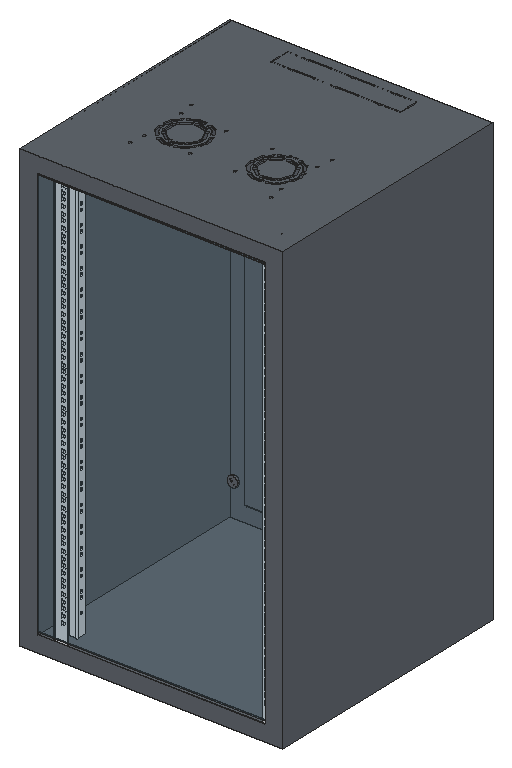
Revit family "Legrand Linkeo coffrets fixes avec panneaux latéraux fixes", category Equipement spécialisé, Revit 2020 (continued)
Forms (mm)
  Extrusion 86, void
    sketch origin (60.5, -414, 490.95) x (-1, 0, 0) y (0, 0, 1)
      loop
        line (-3.5, 44.65) -> (-3.5, 54.15) -> (-13, 54.15) -> (-13, 44.65) -> (-3.5, 44.65)
      loop
        line (-3.5, 76.4) -> (-3.5, 85.9) -> (-13, 85.9) -> (-13, 76.4) -> (-3.5, 76.4)
    from 0 to 1.5
  Extrusion 87, void
    sketch origin (60.5, -414, 490.95) x (-1, 0, 0) y (0, 0, 1)
      loop
        line (-3.5, 60.53) -> (-3.5, 70.03) -> (-13, 70.03) -> (-13, 60.53) -> (-3.5, 60.53)
    from 0 to 1.5
  Extrusion 88, void
    sketch origin (0, 0, 400.05) x (0, 1, 0) y (0, 0, 1)
      loop
        line (-367.986, 87.9) -> (-367.986, 78.4) -> (-358.486, 78.4) -> (-358.486, 87.9) -> (-367.986, 87.9)
    from 539 to 66
  Extrusion 89, void
    sketch origin (0, 0, 368.3) x (0, 1, 0) y (0, 0, 1)
      loop
        line (-367.986, 87.9) -> (-367.986, 78.4) -> (-358.486, 78.4) -> (-358.486, 87.9) -> (-367.986, 87.9)
    from 539 to 66
  Extrusion 90, void
    sketch origin (0, 0, 444.5) x (0, 1, 0) y (0, 0, 1)
      loop
        line (-367.986, 87.9) -> (-367.986, 78.4) -> (-358.486, 78.4) -> (-358.486, 87.9) -> (-367.986, 87.9)
    from 539 to 66
  Extrusion 91, void
    sketch origin (0, 0, 412.75) x (0, 1, 0) y (0, 0, 1)
      loop
        line (-367.986, 87.9) -> (-367.986, 78.4) -> (-358.486, 78.4) -> (-358.486, 87.9) -> (-367.986, 87.9)
    from 539 to 66
  Extrusion 92, void
    sketch origin (0, 0, 488.95) x (0, 1, 0) y (0, 0, 1)
      loop
        line (-367.986, 87.9) -> (-367.986, 78.4) -> (-358.486, 78.4) -> (-358.486, 87.9) -> (-367.986, 87.9)
    from 539 to 66
  Extrusion 93, void
    sketch origin (0, 0, 457.2) x (0, 1, 0) y (0, 0, 1)
      loop
        line (-367.986, 87.9) -> (-367.986, 78.4) -> (-358.486, 78.4) -> (-358.486, 87.9) -> (-367.986, 87.9)
    from 539 to 66
  Extrusion 94, void
    sketch origin (528, -414, 535.4) x (-1, 0, 0) y (0, 0, 1)
      loop
        line (-3.5, 44.65) -> (-3.5, 54.15) -> (-13, 54.15) -> (-13, 44.65) -> (-3.5, 44.65)
      loop
        line (-3.5, 76.4) -> (-3.5, 85.9) -> (-13, 85.9) -> (-13, 76.4) -> (-3.5, 76.4)
    from 0 to 1.5
  Extrusion 95, void
    sketch origin (528, -414, 535.4) x (-1, 0, 0) y (0, 0, 1)
      loop
        line (-3.5, 60.53) -> (-3.5, 70.03) -> (-13, 70.03) -> (-13, 60.53) -> (-3.5, 60.53)
    from 0 to 1.5
  Extrusion 96, void
    sketch origin (60.5, -414, 535.4) x (-1, 0, 0) y (0, 0, 1)
      loop
        line (-3.5, 44.65) -> (-3.5, 54.15) -> (-13, 54.15) -> (-13, 44.65) -> (-3.5, 44.65)
      loop
        line (-3.5, 76.4) -> (-3.5, 85.9) -> (-13, 85.9) -> (-13, 76.4) -> (-3.5, 76.4)
    from 0 to 1.5
  Extrusion 97, void
    sketch origin (60.5, -414, 535.4) x (-1, 0, 0) y (0, 0, 1)
      loop
        line (-3.5, 60.53) -> (-3.5, 70.03) -> (-13, 70.03) -> (-13, 60.53) -> (-3.5, 60.53)
    from 0 to 1.5
  Extrusion 98, void
    sketch origin (528, -414, 579.85) x (-1, 0, 0) y (0, 0, 1)
      loop
        line (-3.5, 44.65) -> (-3.5, 54.15) -> (-13, 54.15) -> (-13, 44.65) -> (-3.5, 44.65)
      loop
        line (-3.5, 76.4) -> (-3.5, 85.9) -> (-13, 85.9) -> (-13, 76.4) -> (-3.5, 76.4)
    from 0 to 1.5
  Extrusion 99, void
    sketch origin (528, -414, 579.85) x (-1, 0, 0) y (0, 0, 1)
      loop
        line (-3.5, 60.53) -> (-3.5, 70.03) -> (-13, 70.03) -> (-13, 60.53) -> (-3.5, 60.53)
    from 0 to 1.5
  Extrusion 100, void
    sketch origin (60.5, -414, 579.85) x (-1, 0, 0) y (0, 0, 1)
      loop
        line (-3.5, 44.65) -> (-3.5, 54.15) -> (-13, 54.15) -> (-13, 44.65) -> (-3.5, 44.65)
      loop
        line (-3.5, 76.4) -> (-3.5, 85.9) -> (-13, 85.9) -> (-13, 76.4) -> (-3.5, 76.4)
    from 0 to 1.5
  Extrusion 101, void
    sketch origin (60.5, -414, 579.85) x (-1, 0, 0) y (0, 0, 1)
      loop
        line (-3.5, 60.53) -> (-3.5, 70.03) -> (-13, 70.03) -> (-13, 60.53) -> (-3.5, 60.53)
    from 0 to 1.5
  Extrusion 102, void
    sketch origin (528, -414, 624.3) x (-1, 0, 0) y (0, 0, 1)
      loop
        line (-3.5, 44.65) -> (-3.5, 54.15) -> (-13, 54.15) -> (-13, 44.65) -> (-3.5, 44.65)
      loop
        line (-3.5, 76.4) -> (-3.5, 85.9) -> (-13, 85.9) -> (-13, 76.4) -> (-3.5, 76.4)
    from 0 to 1.5
  Extrusion 103, void
    sketch origin (528, -414, 624.3) x (-1, 0, 0) y (0, 0, 1)
      loop
        line (-3.5, 60.53) -> (-3.5, 70.03) -> (-13, 70.03) -> (-13, 60.53) -> (-3.5, 60.53)
    from 0 to 1.5
  Extrusion 104, void
    sketch origin (60.5, -414, 624.3) x (-1, 0, 0) y (0, 0, 1)
      loop
        line (-3.5, 44.65) -> (-3.5, 54.15) -> (-13, 54.15) -> (-13, 44.65) -> (-3.5, 44.65)
      loop
        line (-3.5, 76.4) -> (-3.5, 85.9) -> (-13, 85.9) -> (-13, 76.4) -> (-3.5, 76.4)
    from 0 to 1.5
  Extrusion 105, void
    sketch origin (60.5, -414, 624.3) x (-1, 0, 0) y (0, 0, 1)
      loop
        line (-3.5, 60.53) -> (-3.5, 70.03) -> (-13, 70.03) -> (-13, 60.53) -> (-3.5, 60.53)
    from 0 to 1.5
  Extrusion 106, void
    sketch origin (0, 0, 533.4) x (0, 1, 0) y (0, 0, 1)
      loop
        line (-367.986, 87.9) -> (-367.986, 78.4) -> (-358.486, 78.4) -> (-358.486, 87.9) -> (-367.986, 87.9)
    from 539 to 66
  Extrusion 107, void
    sketch origin (0, 0, 501.65) x (0, 1, 0) y (0, 0, 1)
      loop
        line (-367.986, 87.9) -> (-367.986, 78.4) -> (-358.486, 78.4) -> (-358.486, 87.9) -> (-367.986, 87.9)
    from 539 to 66
  Extrusion 108, void
    sketch origin (0, 0, 577.85) x (0, 1, 0) y (0, 0, 1)
      loop
        line (-367.986, 87.9) -> (-367.986, 78.4) -> (-358.486, 78.4) -> (-358.486, 87.9) -> (-367.986, 87.9)
    from 539 to 66
  Extrusion 109, void
    sketch origin (0, 0, 546.1) x (0, 1, 0) y (0, 0, 1)
      loop
        line (-367.986, 87.9) -> (-367.986, 78.4) -> (-358.486, 78.4) -> (-358.486, 87.9) -> (-367.986, 87.9)
    from 539 to 66
  Extrusion 110, void
    sketch origin (0, 0, 622.3) x (0, 1, 0) y (0, 0, 1)
      loop
        line (-367.986, 87.9) -> (-367.986, 78.4) -> (-358.486, 78.4) -> (-358.486, 87.9) -> (-367.986, 87.9)
    from 539 to 66
  Extrusion 111, void
    sketch origin (0, 0, 590.55) x (0, 1, 0) y (0, 0, 1)
      loop
        line (-367.986, 87.9) -> (-367.986, 78.4) -> (-358.486, 78.4) -> (-358.486, 87.9) -> (-367.986, 87.9)
    from 539 to 66
  Extrusion 112, void
    sketch origin (528, -414, 668.75) x (-1, 0, 0) y (0, 0, 1)
      loop
        line (-3.5, 44.65) -> (-3.5, 54.15) -> (-13, 54.15) -> (-13, 44.65) -> (-3.5, 44.65)
      loop
        line (-3.5, 76.4) -> (-3.5, 85.9) -> (-13, 85.9) -> (-13, 76.4) -> (-3.5, 76.4)
    from 0 to 1.5
  Extrusion 113, void
    sketch origin (528, -414, 668.75) x (-1, 0, 0) y (0, 0, 1)
      loop
        line (-3.5, 60.53) -> (-3.5, 70.03) -> (-13, 70.03) -> (-13, 60.53) -> (-3.5, 60.53)
    from 0 to 1.5
  Extrusion 114, void
    sketch origin (60.5, -414, 668.75) x (-1, 0, 0) y (0, 0, 1)
      loop
        line (-3.5, 44.65) -> (-3.5, 54.15) -> (-13, 54.15) -> (-13, 44.65) -> (-3.5, 44.65)
      loop
        line (-3.5, 76.4) -> (-3.5, 85.9) -> (-13, 85.9) -> (-13, 76.4) -> (-3.5, 76.4)
    from 0 to 1.5
  Extrusion 115, void
    sketch origin (60.5, -414, 668.75) x (-1, 0, 0) y (0, 0, 1)
      loop
        line (-3.5, 60.53) -> (-3.5, 70.03) -> (-13, 70.03) -> (-13, 60.53) -> (-3.5, 60.53)
    from 0 to 1.5
  Extrusion 116, void
    sketch origin (528, -414, 713.2) x (-1, 0, 0) y (0, 0, 1)
      loop
        line (-3.5, 44.65) -> (-3.5, 54.15) -> (-13, 54.15) -> (-13, 44.65) -> (-3.5, 44.65)
      loop
        line (-3.5, 76.4) -> (-3.5, 85.9) -> (-13, 85.9) -> (-13, 76.4) -> (-3.5, 76.4)
    from 0 to 1.5
  Extrusion 117, void
    sketch origin (528, -414, 713.2) x (-1, 0, 0) y (0, 0, 1)
      loop
        line (-3.5, 60.53) -> (-3.5, 70.03) -> (-13, 70.03) -> (-13, 60.53) -> (-3.5, 60.53)
    from 0 to 1.5
  Extrusion 118, void
    sketch origin (60.5, -414, 713.2) x (-1, 0, 0) y (0, 0, 1)
      loop
        line (-3.5, 44.65) -> (-3.5, 54.15) -> (-13, 54.15) -> (-13, 44.65) -> (-3.5, 44.65)
      loop
        line (-3.5, 76.4) -> (-3.5, 85.9) -> (-13, 85.9) -> (-13, 76.4) -> (-3.5, 76.4)
    from 0 to 1.5
  Extrusion 119, void
    sketch origin (60.5, -414, 713.2) x (-1, 0, 0) y (0, 0, 1)
      loop
        line (-3.5, 60.53) -> (-3.5, 70.03) -> (-13, 70.03) -> (-13, 60.53) -> (-3.5, 60.53)
    from 0 to 1.5
  Extrusion 120, void
    sketch origin (528, -414, 757.65) x (-1, 0, 0) y (0, 0, 1)
      loop
        line (-3.5, 44.65) -> (-3.5, 54.15) -> (-13, 54.15) -> (-13, 44.65) -> (-3.5, 44.65)
      loop
        line (-3.5, 76.4) -> (-3.5, 85.9) -> (-13, 85.9) -> (-13, 76.4) -> (-3.5, 76.4)
    from 0 to 1.5
  Extrusion 121, void
    sketch origin (528, -414, 757.65) x (-1, 0, 0) y (0, 0, 1)
      loop
        line (-3.5, 60.53) -> (-3.5, 70.03) -> (-13, 70.03) -> (-13, 60.53) -> (-3.5, 60.53)
    from 0 to 1.5
  Extrusion 122, void
    sketch origin (60.5, -414, 757.65) x (-1, 0, 0) y (0, 0, 1)
      loop
        line (-3.5, 44.65) -> (-3.5, 54.15) -> (-13, 54.15) -> (-13, 44.65) -> (-3.5, 44.65)
      loop
        line (-3.5, 76.4) -> (-3.5, 85.9) -> (-13, 85.9) -> (-13, 76.4) -> (-3.5, 76.4)
    from 0 to 1.5
  Extrusion 123, void
    sketch origin (60.5, -414, 757.65) x (-1, 0, 0) y (0, 0, 1)
      loop
        line (-3.5, 60.53) -> (-3.5, 70.03) -> (-13, 70.03) -> (-13, 60.53) -> (-3.5, 60.53)
    from 0 to 1.5
  Extrusion 124, void
    sketch origin (0, 0, 666.75) x (0, 1, 0) y (0, 0, 1)
      loop
        line (-367.986, 87.9) -> (-367.986, 78.4) -> (-358.486, 78.4) -> (-358.486, 87.9) -> (-367.986, 87.9)
    from 539 to 66
  Extrusion 125, void
    sketch origin (0, 0, 635) x (0, 1, 0) y (0, 0, 1)
      loop
        line (-367.986, 87.9) -> (-367.986, 78.4) -> (-358.486, 78.4) -> (-358.486, 87.9) -> (-367.986, 87.9)
    from 539 to 66
  Extrusion 126, void
    sketch origin (0, 0, 711.2) x (0, 1, 0) y (0, 0, 1)
      loop
        line (-367.986, 87.9) -> (-367.986, 78.4) -> (-358.486, 78.4) -> (-358.486, 87.9) -> (-367.986, 87.9)
    from 539 to 66
  Extrusion 127, void
    sketch origin (0, 0, 679.45) x (0, 1, 0) y (0, 0, 1)
      loop
        line (-367.986, 87.9) -> (-367.986, 78.4) -> (-358.486, 78.4) -> (-358.486, 87.9) -> (-367.986, 87.9)
    from 539 to 66
  Extrusion 128, void
    sketch origin (0, 0, 755.65) x (0, 1, 0) y (0, 0, 1)
      loop
        line (-367.986, 87.9) -> (-367.986, 78.4) -> (-358.486, 78.4) -> (-358.486, 87.9) -> (-367.986, 87.9)
    from 539 to 66
  Extrusion 129, void
    sketch origin (0, 0, 723.9) x (0, 1, 0) y (0, 0, 1)
      loop
        line (-367.986, 87.9) -> (-367.986, 78.4) -> (-358.486, 78.4) -> (-358.486, 87.9) -> (-367.986, 87.9)
    from 539 to 66
  Extrusion 130, void
    sketch origin (528, -414, 802.1) x (-1, 0, 0) y (0, 0, 1)
      loop
        line (-3.5, 44.65) -> (-3.5, 54.15) -> (-13, 54.15) -> (-13, 44.65) -> (-3.5, 44.65)
      loop
        line (-3.5, 76.4) -> (-3.5, 85.9) -> (-13, 85.9) -> (-13, 76.4) -> (-3.5, 76.4)
    from 0 to 1.5
  Extrusion 131, void
    sketch origin (528, -414, 802.1) x (-1, 0, 0) y (0, 0, 1)
      loop
        line (-3.5, 60.53) -> (-3.5, 70.03) -> (-13, 70.03) -> (-13, 60.53) -> (-3.5, 60.53)
    from 0 to 1.5
  Extrusion 132, void
    sketch origin (60.5, -414, 802.1) x (-1, 0, 0) y (0, 0, 1)
      loop
        line (-3.5, 44.65) -> (-3.5, 54.15) -> (-13, 54.15) -> (-13, 44.65) -> (-3.5, 44.65)
      loop
        line (-3.5, 76.4) -> (-3.5, 85.9) -> (-13, 85.9) -> (-13, 76.4) -> (-3.5, 76.4)
    from 0 to 1.5
  Extrusion 133, void
    sketch origin (60.5, -414, 802.1) x (-1, 0, 0) y (0, 0, 1)
      loop
        line (-3.5, 60.53) -> (-3.5, 70.03) -> (-13, 70.03) -> (-13, 60.53) -> (-3.5, 60.53)
    from 0 to 1.5
  Extrusion 134, void
    sketch origin (528, -414, 846.55) x (-1, 0, 0) y (0, 0, 1)
      loop
        line (-3.5, 44.65) -> (-3.5, 54.15) -> (-13, 54.15) -> (-13, 44.65) -> (-3.5, 44.65)
      loop
        line (-3.5, 76.4) -> (-3.5, 85.9) -> (-13, 85.9) -> (-13, 76.4) -> (-3.5, 76.4)
    from 0 to 1.5
  Extrusion 135, void
    sketch origin (528, -414, 846.55) x (-1, 0, 0) y (0, 0, 1)
      loop
        line (-3.5, 60.53) -> (-3.5, 70.03) -> (-13, 70.03) -> (-13, 60.53) -> (-3.5, 60.53)
    from 0 to 1.5
  Extrusion 136, void
    sketch origin (60.5, -414, 846.55) x (-1, 0, 0) y (0, 0, 1)
      loop
        line (-3.5, 44.65) -> (-3.5, 54.15) -> (-13, 54.15) -> (-13, 44.65) -> (-3.5, 44.65)
      loop
        line (-3.5, 76.4) -> (-3.5, 85.9) -> (-13, 85.9) -> (-13, 76.4) -> (-3.5, 76.4)
    from 0 to 1.5
  Extrusion 137, void
    sketch origin (60.5, -414, 846.55) x (-1, 0, 0) y (0, 0, 1)
      loop
        line (-3.5, 60.53) -> (-3.5, 70.03) -> (-13, 70.03) -> (-13, 60.53) -> (-3.5, 60.53)
    from 0 to 1.5
  Extrusion 138, void
    sketch origin (528, -414, 891) x (-1, 0, 0) y (0, 0, 1)
      loop
        line (-3.5, 44.65) -> (-3.5, 54.15) -> (-13, 54.15) -> (-13, 44.65) -> (-3.5, 44.65)
      loop
        line (-3.5, 76.4) -> (-3.5, 85.9) -> (-13, 85.9) -> (-13, 76.4) -> (-3.5, 76.4)
    from 0 to 1.5
  Extrusion 139, void
    sketch origin (528, -414, 891) x (-1, 0, 0) y (0, 0, 1)
      loop
        line (-3.5, 60.53) -> (-3.5, 70.03) -> (-13, 70.03) -> (-13, 60.53) -> (-3.5, 60.53)
    from 0 to 1.5
  Extrusion 140, void
    sketch origin (60.5, -414, 891) x (-1, 0, 0) y (0, 0, 1)
      loop
        line (-3.5, 44.65) -> (-3.5, 54.15) -> (-13, 54.15) -> (-13, 44.65) -> (-3.5, 44.65)
      loop
        line (-3.5, 76.4) -> (-3.5, 85.9) -> (-13, 85.9) -> (-13, 76.4) -> (-3.5, 76.4)
    from 0 to 1.5
  Extrusion 141, void
    sketch origin (60.5, -414, 891) x (-1, 0, 0) y (0, 0, 1)
      loop
        line (-3.5, 60.53) -> (-3.5, 70.03) -> (-13, 70.03) -> (-13, 60.53) -> (-3.5, 60.53)
    from 0 to 1.5
  Extrusion 142, void
    sketch origin (0, 0, 800.1) x (0, 1, 0) y (0, 0, 1)
      loop
        line (-367.986, 87.9) -> (-367.986, 78.4) -> (-358.486, 78.4) -> (-358.486, 87.9) -> (-367.986, 87.9)
    from 539 to 66
  Extrusion 143, void
    sketch origin (0, 0, 768.35) x (0, 1, 0) y (0, 0, 1)
      loop
        line (-367.986, 87.9) -> (-367.986, 78.4) -> (-358.486, 78.4) -> (-358.486, 87.9) -> (-367.986, 87.9)
    from 539 to 66
  Extrusion 144, void
    sketch origin (0, 0, 844.55) x (0, 1, 0) y (0, 0, 1)
      loop
        line (-367.986, 87.9) -> (-367.986, 78.4) -> (-358.486, 78.4) -> (-358.486, 87.9) -> (-367.986, 87.9)
    from 539 to 66
  Extrusion 145, void
    sketch origin (0, 0, 812.8) x (0, 1, 0) y (0, 0, 1)
      loop
        line (-367.986, 87.9) -> (-367.986, 78.4) -> (-358.486, 78.4) -> (-358.486, 87.9) -> (-367.986, 87.9)
    from 539 to 66
  Extrusion 146, void
    sketch origin (0, 0, 889) x (0, 1, 0) y (0, 0, 1)
      loop
        line (-367.986, 87.9) -> (-367.986, 78.4) -> (-358.486, 78.4) -> (-358.486, 87.9) -> (-367.986, 87.9)
    from 539 to 66
  Extrusion 147, void
    sketch origin (0, 0, 857.25) x (0, 1, 0) y (0, 0, 1)
      loop
        line (-367.986, 87.9) -> (-367.986, 78.4) -> (-358.486, 78.4) -> (-358.486, 87.9) -> (-367.986, 87.9)
    from 539 to 66
Cuts and joins
  Extrusion 2, Extrusion 3, Extrusion 6, Extrusion 7, Extrusion 8, Extrusion 40 cuts Extrusion 1
  Extrusion 9, Extrusion 11, Extrusion 12, Extrusion 15, Extrusion 52 cuts Extrusion 5
  Extrusion 11, Extrusion 12, Extrusion 16, Extrusion 17, Extrusion 20, Extrusion 21, Extrusion 24, Extrusion 25, Extrusion 28, Extrusion 29, Extrusion 32, Extrusion 33, Extrusion 36, Extrusion 37, Extrusion 40, Extrusion 41, Extrusion 42, Extrusion 43, Extrusion 44, Extrusion 45, Extrusion 46, Extrusion 47, Extrusion 48, Extrusion 49, Extrusion 50, Extrusion 51, Extrusion 58, Extrusion 59, Extrusion 62, Extrusion 63, Extrusion 66, Extrusion 67, Extrusion 70, Extrusion 71, Extrusion 72, Extrusion 73, Extrusion 74, Extrusion 75, Extrusion 76, Extrusion 77, Extrusion 80, Extrusion 81, Extrusion 84, Extrusion 85, Extrusion 88, Extrusion 89, Extrusion 90, Extrusion 91, Extrusion 92, Extrusion 93, Extrusion 94, Extrusion 95, Extrusion 98, Extrusion 99, Extrusion 102, Extrusion 103, Extrusion 106, Extrusion 107, Extrusion 108, Extrusion 109, Extrusion 110, Extrusion 111, Extrusion 112, Extrusion 113, Extrusion 116, Extrusion 117, Extrusion 120, Extrusion 121, Extrusion 124, Extrusion 125, Extrusion 126, Extrusion 127, Extrusion 128, Extrusion 129, Extrusion 130, Extrusion 131, Extrusion 134, Extrusion 135, Extrusion 138, Extrusion 139, Extrusion 142, Extrusion 143, Extrusion 144, Extrusion 145, Extrusion 146, Extrusion 147 cuts Extrusion 10
  Extrusion 16, Extrusion 17, Extrusion 22, Extrusion 23, Extrusion 26, Extrusion 27, Extrusion 30, Extrusion 31, Extrusion 34, Extrusion 35, Extrusion 38, Extrusion 39, Extrusion 40, Extrusion 41, Extrusion 42, Extrusion 43, Extrusion 44, Extrusion 45, Extrusion 46, Extrusion 47, Extrusion 48, Extrusion 49, Extrusion 50, Extrusion 51, Extrusion 60, Extrusion 61, Extrusion 64, Extrusion 65, Extrusion 68, Extrusion 69, Extrusion 70, Extrusion 71, Extrusion 72, Extrusion 73, Extrusion 74, Extrusion 75, Extrusion 78, Extrusion 79, Extrusion 82, Extrusion 83, Extrusion 86, Extrusion 87, Extrusion 88, Extrusion 89, Extrusion 90, Extrusion 91, Extrusion 92, Extrusion 93, Extrusion 96, Extrusion 97, Extrusion 100, Extrusion 101, Extrusion 104, Extrusion 105, Extrusion 106, Extrusion 107, Extrusion 108, Extrusion 109, Extrusion 110, Extrusion 111, Extrusion 114, Extrusion 115, Extrusion 118, Extrusion 119, Extrusion 122, Extrusion 123, Extrusion 124, Extrusion 125, Extrusion 126, Extrusion 127, Extrusion 128, Extrusion 129, Extrusion 132, Extrusion 133, Extrusion 136, Extrusion 137, Extrusion 140, Extrusion 141, Extrusion 142, Extrusion 143, Extrusion 144, Extrusion 145, Extrusion 146, Extrusion 147 cuts Extrusion 13
  Extrusion 54 cuts Extrusion 53
Lines and regions (mm)
  model lines, not visible
    curve 1: line (490.5, 150, 512.5) -> (514.5, 150, 512.5)
    curve 2: line (366.209, -75, 1158) -> (258.086, -75, 1158)
    curve 3: line (366.209, -341.805, 492) -> (258.086, -341.805, 492)
Dimensions and locks
  "Largeur (mm)": plane 4 to plane 3 "Centre (gauche/droite)"
  "Hauteur (mm)": plane 5 to level
  "Profondeur (mm)": plane 6 to plane 1 "Centre (avant/arrière)"
  "Passage utile en largeur (mm)": plane 7 to plane 8
  equal spacing: plane 7, plane 9, plane 8
  equal spacing: plane 4, plane 9, plane 3 "Centre (gauche/droite)"
  equal spacing: plane 5, plane 12, level
  equal spacing: plane 10, plane 12, plane 11
  "Passage utile en hauteur (mm)": plane 10 to plane 11
  locked: Extrusion 2 sketch curve to plane 3 "Centre (gauche/droite)" at 2
  locked: Extrusion 2 sketch curve to plane 4 at 2
  locked: Extrusion 2 sketch curve to level at 2
  locked: plane 5 to Extrusion 2 sketch curve at 2
  locked: plane 6 to plane 13 at 2
  locked: cut or joined group of Extrusion 1, Extrusion 2, Extrusion 3, Extrusion 6, Extrusion 7, Extrusion 8, Extrusion 40 to plane 1 "Centre (avant/arrière)" at 2
  plane 10 to Extrusion 4 sketch curve = 5.00 mm
  Extrusion 4 sketch curve to plane 11 = 5.00 mm
  locked: cut or joined group of Extrusion 1, Extrusion 2, Extrusion 3, Extrusion 6, Extrusion 7, Extrusion 8, Extrusion 40 to Extrusion 4 at 5
  locked: Extrusion 5 to plane 1 "Centre (avant/arrière)" at 5
  equal spacing: plane 3 "Centre (gauche/droite)", plane 14, plane 4
  equal spacing: plane 25, plane 26, plane 24
  equal spacing: plane 22, plane 20, plane 23
  "Fixation Y": plane 22 to plane 23
  "Fixation X": plane 25 to plane 24
  "Emplacement de rack": plane 27 to plane 6
  "Epaisseur (mm)": plane 29 to plane 27
  "Epaisseur (mm)": plane 30 to plane 31
  "Epaisseur (mm)": plane 32 to plane 33
  "Epaisseur (mm)": plane 34 to plane 35
  plane 31 to cut or joined group of Extrusion 1, Extrusion 2, Extrusion 3, Extrusion 6, Extrusion 7, Extrusion 8, Extrusion 40 = 42.00 mm
  locked: plane 28 to plane 30 at 31.5
  locked: plane 33 to plane 27 at 42
  locked: plane 34 to plane 31 at 23.5
  locked: plane 32 to plane 36 at 21.5
  locked: plane 37 to level at 46.65
  locked: plane 38 to plane 37 at 9.5
  locked: plane 39 to plane 40 at 9.5
  locked: plane 28 to plane 39 at 3.5
  locked: plane 42 to plane 41 at 9.5
  locked: plane 41 to plane 37 at 31.75
  locked: plane 44 to plane 43 at 9.5
  locked: plane 45 to plane 46 at 9.5
  locked: plane 46 to plane 38 at 6.38
  "Epaisseur (mm)": plane 49 to plane 50
  "Epaisseur (mm)": plane 51 to plane 52
  locked: plane 49 to plane 53 at 21.5
  locked: plane 54 to plane 11 at 5
  plane 5 to plane 10 to plane 55 = 35.00 mm, 30.00 mm
  equal spacing: group 4, group 8, group 11, group 14, group 17, group 20, group 34, group 37, group 40, group 46, group 49, group 52, group 58, group 61, group 64, group 70, group 73, group 76, group 82, group 85, group 88  (x3)
  equal spacing: group 21, group 22, group 23, group 24, group 25, group 26, group 41, group 42, group 43, group 53, group 54, group 55, group 65, group 66, group 67, group 77, group 78, group 79, group 89, group 90, group 91  (x3)
  locked: plane 58 to plane 1 "Centre (avant/arrière)" at 225
  aligned and locked: level to plane 2
  aligned and locked: Extrusion 1 sketch curve to level
  aligned and locked: Extrusion 1 sketch curve to plane 6
  aligned and locked: plane 5 to Extrusion 1 sketch curve
  aligned and locked: Extrusion 1 sketch curve to plane 1 "Centre (avant/arrière)"
  aligned and locked: Extrusion 1 to plane 4
  aligned and locked: Extrusion 1 to plane 3 "Centre (gauche/droite)"
  aligned and locked: cut or joined group of Extrusion 1, Extrusion 2, Extrusion 3, Extrusion 6, Extrusion 7, Extrusion 8, Extrusion 40 to plane 13
  aligned and locked: Extrusion 3 sketch curve to plane 10
  aligned and locked: Extrusion 3 sketch curve to plane 7
  aligned and locked: plane 11 to Extrusion 3 sketch curve
  aligned and locked: Extrusion 3 sketch curve to plane 8
  aligned and locked: Extrusion 1 to Extrusion 3
  aligned and locked: Extrusion 3 to plane 1 "Centre (avant/arrière)"
  aligned and locked: Extrusion 4 sketch curve to plane 7
  aligned and locked: Extrusion 4 sketch curve to plane 8
  aligned and locked: Extrusion 5 sketch curve to plane 8
  aligned and locked: Extrusion 5 sketch curve to plane 7
  aligned and locked: Extrusion 5 to plane 1 "Centre (avant/arrière)"
  aligned and locked: plane 5 to Extrusion 7
  aligned and locked: Extrusion 7 to Extrusion 2
  aligned and locked: Extrusion 8 to level
  aligned and locked: plane 26 to plane 9
  aligned and locked: plane 20 to plane 12
  aligned and locked: Extrusion 5 to Extrusion 9
  aligned and locked: plane 28 to Extrusion 10 sketch curve
  aligned and locked: Extrusion 10 sketch curve to plane 27
  aligned and locked: Extrusion 10 sketch curve to plane 31
  aligned and locked: Extrusion 10 sketch curve to plane 33
  aligned and locked: Extrusion 10 sketch curve to plane 35
  aligned and locked: Extrusion 10 sketch curve to plane 36
  aligned and locked: plane 34 to Extrusion 10 sketch curve
  aligned and locked: plane 32 to Extrusion 10 sketch curve
  aligned and locked: Extrusion 10 sketch curve to plane 30
  aligned and locked: plane 29 to Extrusion 10 sketch curve
  aligned and locked: cut or joined group of Extrusion 1, Extrusion 2, Extrusion 3, Extrusion 6, Extrusion 7, Extrusion 8, Extrusion 40 to Extrusion 10
  aligned and locked: Extrusion 10 to Extrusion 11
  aligned and locked: plane 29 to Extrusion 12
  aligned and locked: plane 47 to Extrusion 13 sketch curve
  aligned and locked: plane 50 to Extrusion 13 sketch curve
  aligned and locked: Extrusion 13 sketch curve to plane 52
  aligned and locked: Extrusion 13 sketch curve to plane 53
  aligned and locked: plane 51 to Extrusion 13 sketch curve
  aligned and locked: Extrusion 13 sketch curve to plane 49
  aligned and locked: Extrusion 13 sketch curve to plane 48
  aligned and locked: cut or joined group of Extrusion 1, Extrusion 2, Extrusion 3, Extrusion 6, Extrusion 7, Extrusion 8, Extrusion 40 to Extrusion 13
  aligned and locked: Extrusion 14 sketch curve to Extrusion 14 sketch curve  (x9)
  aligned and locked: plane 54 to cut or joined group of Extrusion 5, Extrusion 9, Extrusion 11, Extrusion 12, Extrusion 15, Extrusion 52
  aligned and locked: Extrusion 40 to plane 35
  aligned and locked: Extrusion 40 to plane 41
  aligned and locked: plane 42 to Extrusion 40
  aligned and locked: Extrusion 40 to plane 43
  aligned and locked: plane 44 to Extrusion 40
  aligned and locked: cut or joined group 1 (Extrusion 13, Extrusion 16, Extrusion 17, Extrusion 22, Extrusion 23, Extrusion 26, Extrusion 27, Extrusion 30, Extrusion 31, Extrusion 34, Extrusion 35, Extrusion 38, Extrusion 39, Extrusion 40, Extrusion 41, Extrusion 42, Extrusion 43, Extrusion 44, Extrusion 45, Extrusion 46, Extrusion 47, Extrusion 48, Extrusion 49, Extrusion 50, Extrusion 51, Extrusion 60, Extrusion 61, Extrusion 64, Extrusion 65, Extrusion 68, Extrusion 69, Extrusion 70, Extrusion 71, Extrusion 72, Extrusion 73, Extrusion 74, Extrusion 75, Extrusion 78, Extrusion 79, Extrusion 82, Extrusion 83, Extrusion 86, Extrusion 87, Extrusion 88, Extrusion 89, Extrusion 90, Extrusion 91, Extrusion 92, Extrusion 93, Extrusion 96, Extrusion 97, Extrusion 100, Extrusion 101, Extrusion 104, Extrusion 105, Extrusion 106, Extrusion 107, Extrusion 108, Extrusion 109, Extrusion 110, Extrusion 111, Extrusion 114, Extrusion 115, Extrusion 118, Extrusion 119, Extrusion 122, Extrusion 123, Extrusion 124, Extrusion 125, Extrusion 126, Extrusion 127, Extrusion 128, Extrusion 129, Extrusion 132, Extrusion 133, Extrusion 136, Extrusion 137, Extrusion 140, Extrusion 141, Extrusion 142, Extrusion 143, Extrusion 144, Extrusion 145, Extrusion 146, Extrusion 147) to Extrusion 41
  aligned and locked: cut or joined group 1 to Extrusion 40
  aligned and locked: Extrusion 52 sketch curve to Extrusion 52 sketch curve  (x9)
  aligned and locked: Extrusion 53 to plane 56
  aligned and locked: plane 56 to plane 20
  aligned and locked: Extrusion 4 to plane 57
  aligned and locked: plane 6 to plane 57
  aligned and locked: plane 58 to curve 2
  aligned and locked: plane 5 to Extrusion 6
  aligned and locked: Extrusion 6 to Extrusion 2
Automatic sketch dimensions
  Extrusion 11 sketch curve to Extrusion 11 sketch curve = 0.00 mm
  Extrusion 11 sketch curve to Extrusion 11 sketch curve = 9.50 mm  (x4)
  Extrusion 11 sketch curve to Extrusion 11 sketch curve = 22.25 mm
  Extrusion 12 sketch curve to Extrusion 12 sketch curve = 9.50 mm  (x2)
  Extrusion 16 sketch curve to Extrusion 16 sketch curve = 0.00 mm
  Extrusion 16 sketch curve to Extrusion 16 sketch curve = 9.50 mm  (x4)
  Extrusion 16 sketch curve to Extrusion 16 sketch curve = 22.25 mm
  Extrusion 17 sketch curve to Extrusion 17 sketch curve = 9.50 mm  (x2)
  Extrusion 18 sketch curve to Extrusion 18 sketch curve = 0.00 mm
  Extrusion 18 sketch curve to Extrusion 18 sketch curve = 9.50 mm  (x4)
  Extrusion 18 sketch curve to Extrusion 18 sketch curve = 22.25 mm
  Extrusion 19 sketch curve to Extrusion 19 sketch curve = 9.50 mm  (x2)
  Extrusion 20 sketch curve to Extrusion 20 sketch curve = 0.00 mm
  Extrusion 20 sketch curve to Extrusion 20 sketch curve = 9.50 mm  (x4)
  Extrusion 20 sketch curve to Extrusion 20 sketch curve = 22.25 mm
  Extrusion 21 sketch curve to Extrusion 21 sketch curve = 9.50 mm  (x2)
  Extrusion 22 sketch curve to Extrusion 22 sketch curve = 0.00 mm
  Extrusion 22 sketch curve to Extrusion 22 sketch curve = 9.50 mm  (x4)
  Extrusion 22 sketch curve to Extrusion 22 sketch curve = 22.25 mm
  Extrusion 23 sketch curve to Extrusion 23 sketch curve = 9.50 mm  (x2)
  Extrusion 24 sketch curve to Extrusion 24 sketch curve = 0.00 mm
  Extrusion 24 sketch curve to Extrusion 24 sketch curve = 9.50 mm  (x4)
  Extrusion 24 sketch curve to Extrusion 24 sketch curve = 22.25 mm
  Extrusion 25 sketch curve to Extrusion 25 sketch curve = 9.50 mm  (x2)
  Extrusion 26 sketch curve to Extrusion 26 sketch curve = 0.00 mm
  Extrusion 26 sketch curve to Extrusion 26 sketch curve = 9.50 mm  (x4)
  Extrusion 26 sketch curve to Extrusion 26 sketch curve = 22.25 mm
  Extrusion 27 sketch curve to Extrusion 27 sketch curve = 9.50 mm  (x2)
  Extrusion 28 sketch curve to Extrusion 28 sketch curve = 0.00 mm
  Extrusion 28 sketch curve to Extrusion 28 sketch curve = 9.50 mm  (x4)
  Extrusion 28 sketch curve to Extrusion 28 sketch curve = 22.25 mm
  Extrusion 29 sketch curve to Extrusion 29 sketch curve = 9.50 mm  (x2)
  Extrusion 30 sketch curve to Extrusion 30 sketch curve = 0.00 mm
  Extrusion 30 sketch curve to Extrusion 30 sketch curve = 9.50 mm  (x4)
  Extrusion 30 sketch curve to Extrusion 30 sketch curve = 22.25 mm
  Extrusion 31 sketch curve to Extrusion 31 sketch curve = 9.50 mm  (x2)
  Extrusion 32 sketch curve to Extrusion 32 sketch curve = 0.00 mm
  Extrusion 32 sketch curve to Extrusion 32 sketch curve = 9.50 mm  (x4)
  Extrusion 32 sketch curve to Extrusion 32 sketch curve = 22.25 mm
  Extrusion 33 sketch curve to Extrusion 33 sketch curve = 9.50 mm  (x2)
  Extrusion 34 sketch curve to Extrusion 34 sketch curve = 0.00 mm
  Extrusion 34 sketch curve to Extrusion 34 sketch curve = 9.50 mm  (x4)
  Extrusion 34 sketch curve to Extrusion 34 sketch curve = 22.25 mm
  Extrusion 35 sketch curve to Extrusion 35 sketch curve = 9.50 mm  (x2)
  Extrusion 36 sketch curve to Extrusion 36 sketch curve = 0.00 mm
  Extrusion 36 sketch curve to Extrusion 36 sketch curve = 9.50 mm  (x4)
  Extrusion 36 sketch curve to Extrusion 36 sketch curve = 22.25 mm
  Extrusion 37 sketch curve to Extrusion 37 sketch curve = 9.50 mm  (x2)
  Extrusion 38 sketch curve to Extrusion 38 sketch curve = 0.00 mm
  Extrusion 38 sketch curve to Extrusion 38 sketch curve = 9.50 mm  (x4)
  Extrusion 38 sketch curve to Extrusion 38 sketch curve = 22.25 mm
  Extrusion 39 sketch curve to Extrusion 39 sketch curve = 9.50 mm  (x2)
  Extrusion 40 sketch curve to Extrusion 40 sketch curve = 9.50 mm  (x2)
  Extrusion 41 sketch curve to Extrusion 41 sketch curve = 9.50 mm  (x2)
  Extrusion 42 sketch curve to Extrusion 42 sketch curve = 9.50 mm  (x2)
  Extrusion 43 sketch curve to Extrusion 43 sketch curve = 9.50 mm  (x2)
  Extrusion 44 sketch curve to Extrusion 44 sketch curve = 9.50 mm  (x2)
  Extrusion 45 sketch curve to Extrusion 45 sketch curve = 9.50 mm  (x2)
  Extrusion 46 sketch curve to Extrusion 46 sketch curve = 9.50 mm  (x2)
  Extrusion 47 sketch curve to Extrusion 47 sketch curve = 9.50 mm  (x2)
  Extrusion 48 sketch curve to Extrusion 48 sketch curve = 9.50 mm  (x2)
  Extrusion 49 sketch curve to Extrusion 49 sketch curve = 9.50 mm  (x2)
  Extrusion 50 sketch curve to Extrusion 50 sketch curve = 9.50 mm  (x2)
  Extrusion 51 sketch curve to Extrusion 51 sketch curve = 9.50 mm  (x2)
  Extrusion 54 sketch curve to Extrusion 54 sketch curve = 1.933 mm  (x2)
  Extrusion 54 sketch curve to Extrusion 54 sketch curve = 10.607 mm
  Extrusion 56 sketch curve to Extrusion 56 sketch curve = 1.933 mm  (x2)
  Extrusion 56 sketch curve to Extrusion 56 sketch curve = 10.607 mm
  curve 1 to plane 12 = 0.00 mm
  plane 24 to curve 1 = 12.00 mm
  curve 1 to plane 24 = 12.00 mm
  Extrusion 5 sketch curve to plane 54 = 0.00 mm
  Extrusion 5 sketch curve to plane 10 = 5.00 mm
  Extrusion 1 to Extrusion 7 sketch curve = 24.00 mm  (x3)
  Extrusion 1 to Extrusion 7 sketch curve = 152.50 mm
  Extrusion 7 sketch curve to Extrusion 7 sketch curve = 0.00 mm  (x17)
  Extrusion 7 sketch curve to Extrusion 7 sketch curve = 3.00 mm  (x11)
  Extrusion 7 sketch curve to Extrusion 7 sketch curve = 46.25 mm  (x3)
  Extrusion 7 sketch curve to Extrusion 7 sketch curve = 1.50 mm  (x12)
  Extrusion 7 sketch curve to Extrusion 7 sketch curve = 48.50 mm  (x4)
  Extrusion 1 to Extrusion 7 sketch curve = 27.00 mm
  Extrusion 7 sketch curve to Extrusion 7 sketch curve = 21.25 mm  (x2)
  Extrusion 7 sketch curve to Extrusion 7 sketch curve = 44.00 mm  (x2)
  plane 1 "Centre (avant/arrière)" to Extrusion 8 sketch curve = 24.00 mm  (x3)
  plane 25 to Extrusion 8 sketch curve = 50.00 mm
  Extrusion 8 sketch curve to Extrusion 8 sketch curve = 0.00 mm  (x16)
  Extrusion 8 sketch curve to Extrusion 8 sketch curve = 3.00 mm  (x11)
  Extrusion 8 sketch curve to Extrusion 8 sketch curve = 46.25 mm  (x3)
  Extrusion 8 sketch curve to Extrusion 8 sketch curve = 1.50 mm  (x10)
  Extrusion 8 sketch curve to Extrusion 8 sketch curve = 48.50 mm  (x3)
  Extrusion 8 sketch curve to plane 9 = 0.75 mm  (x2)
  plane 9 to Extrusion 8 sketch curve = 0.75 mm  (x2)
  plane 1 "Centre (avant/arrière)" to Extrusion 8 sketch curve = 27.00 mm
  Extrusion 8 sketch curve to Extrusion 8 sketch curve = 21.25 mm  (x2)
  Extrusion 8 sketch curve to Extrusion 8 sketch curve = 44.00 mm  (x2)
  Extrusion 9 sketch curve to plane 23 = 0.00 mm  (x4)
  Extrusion 9 sketch curve to plane 25 = 0.00 mm  (x2)
  Extrusion 9 sketch curve to plane 24 = 0.00 mm
  Extrusion 9 sketch curve to Extrusion 9 sketch curve = 4.251 mm
  plane 24 to Extrusion 9 sketch curve = 4.251 mm
  plane 24 to Extrusion 9 sketch curve = 0.00 mm
  Extrusion 9 sketch curve to Extrusion 9 sketch curve = 5.069 mm  (x2)
  Extrusion 9 sketch curve to Extrusion 9 sketch curve = 6.179 mm  (x2)
  Extrusion 10 sketch curve to Extrusion 10 sketch curve = 0.00 mm  (x6)
  Extrusion 10 sketch curve to Extrusion 10 sketch curve = 1.50 mm  (x3)
  Extrusion 13 sketch curve to Extrusion 13 sketch curve = 0.00 mm  (x6)
  Extrusion 13 sketch curve to Extrusion 13 sketch curve = 1.50 mm  (x2)
  Extrusion 13 sketch curve to Extrusion 13 sketch curve = 30.00 mm
  Extrusion 13 sketch curve to Extrusion 13 sketch curve = 17.50 mm
  Extrusion 15 sketch curve to plane 22 = 0.00 mm  (x4)
  Extrusion 15 sketch curve to plane 25 = 0.00 mm  (x2)
  plane 24 to Extrusion 15 sketch curve = 0.00 mm  (x2)
  Extrusion 15 sketch curve to Extrusion 15 sketch curve = 4.251 mm
  plane 24 to Extrusion 15 sketch curve = 4.251 mm
  Extrusion 15 sketch curve to Extrusion 15 sketch curve = 5.069 mm  (x2)
  plane 42 to Extrusion 15 sketch curve = 3.852 mm  (x2)
  Extrusion 52 sketch curve to Extrusion 52 sketch curve = 0.00 mm  (x16)
  Extrusion 52 sketch curve to Extrusion 52 sketch curve = 3.00 mm  (x6)
  Extrusion 52 sketch curve to Extrusion 52 sketch curve = 21.25 mm  (x3)
  Extrusion 52 sketch curve to Extrusion 52 sketch curve = 1.50 mm  (x12)
  Extrusion 52 sketch curve to Extrusion 52 sketch curve = 44.00 mm
  Extrusion 52 sketch curve to Extrusion 52 sketch curve = 46.25 mm  (x3)
  Extrusion 52 sketch curve to Extrusion 52 sketch curve = 48.50 mm  (x4)
  Extrusion 14 sketch curve to Extrusion 14 sketch curve = 0.00 mm  (x16)
  Extrusion 14 sketch curve to Extrusion 14 sketch curve = 3.00 mm  (x6)
  Extrusion 14 sketch curve to Extrusion 14 sketch curve = 21.25 mm  (x3)
  Extrusion 14 sketch curve to Extrusion 14 sketch curve = 1.50 mm  (x12)
  Extrusion 14 sketch curve to Extrusion 14 sketch curve = 44.00 mm
  Extrusion 14 sketch curve to Extrusion 14 sketch curve = 46.25 mm  (x3)
  Extrusion 14 sketch curve to Extrusion 14 sketch curve = 48.50 mm  (x4)
  curve 2 to curve 2 = 108.123 mm
  curve 3 to curve 3 = 108.123 mm
  Extrusion 6 sketch curve to Extrusion 6 sketch curve = 0.00 mm  (x120)
  Extrusion 6 sketch curve to Extrusion 6 sketch curve = 0.762 mm
  Extrusion 6 sketch curve to Extrusion 6 sketch curve = 0.023 mm
  Extrusion 6 sketch curve to Extrusion 6 sketch curve = 4.093 mm
  Extrusion 6 sketch curve to Extrusion 6 sketch curve = 4.13 mm
  Extrusion 6 sketch curve to Extrusion 6 sketch curve = 5.00 mm
  Extrusion 6 sketch curve to Extrusion 6 sketch curve = 0.108 mm
  Extrusion 6 sketch curve to Extrusion 6 sketch curve = 4.413 mm
  Extrusion 6 sketch curve to Extrusion 6 sketch curve = 4.114 mm
  Extrusion 6 sketch curve to Extrusion 6 sketch curve = 4.40 mm  (x2)
  Extrusion 6 sketch curve to Extrusion 6 sketch curve = 4.094 mm  (x2)
  Extrusion 6 sketch curve to Extrusion 6 sketch curve = 2.16 mm
  Extrusion 6 sketch curve to Extrusion 6 sketch curve = 4.116 mm
  Extrusion 6 sketch curve to Extrusion 6 sketch curve = 3.397 mm  (x3)
  Extrusion 6 sketch curve to Extrusion 6 sketch curve = 1.819 mm
  Extrusion 6 sketch curve to Extrusion 6 sketch curve = 6.141 mm  (x2)
  Extrusion 6 sketch curve to Extrusion 6 sketch curve = 6.001 mm
  Extrusion 6 sketch curve to Extrusion 6 sketch curve = 3.835 mm
  Extrusion 6 sketch curve to Extrusion 6 sketch curve = 9.917 mm
  Extrusion 6 sketch curve to Extrusion 6 sketch curve = 3.82 mm  (x3)
  Extrusion 6 sketch curve to Extrusion 6 sketch curve = 1.732 mm
  Extrusion 6 sketch curve to Extrusion 6 sketch curve = 9.679 mm
  Extrusion 6 sketch curve to Extrusion 6 sketch curve = 1.665 mm  (x3)
  Extrusion 6 sketch curve to Extrusion 6 sketch curve = 2.774 mm  (x2)
  Extrusion 6 sketch curve to Extrusion 6 sketch curve = 2.712 mm  (x2)
  Extrusion 6 sketch curve to Extrusion 6 sketch curve = 10.829 mm
  Extrusion 6 sketch curve to Extrusion 6 sketch curve = 1.693 mm
  Extrusion 6 sketch curve to Extrusion 6 sketch curve = 3.832 mm
  Extrusion 6 sketch curve to Extrusion 6 sketch curve = 9.752 mm  (x2)
  Extrusion 6 sketch curve to Extrusion 6 sketch curve = 9.79 mm
  Extrusion 6 sketch curve to Extrusion 6 sketch curve = 0.927 mm  (x2)
  Extrusion 6 sketch curve to Extrusion 6 sketch curve = 0.956 mm
  Extrusion 6 sketch curve to Extrusion 6 sketch curve = 2.537 mm  (x2)
  Extrusion 6 sketch curve to Extrusion 6 sketch curve = 2.679 mm
  Extrusion 6 sketch curve to Extrusion 6 sketch curve = 1.73 mm  (x2)
  Extrusion 6 sketch curve to Extrusion 6 sketch curve = 1.661 mm
  Extrusion 6 sketch curve to Extrusion 6 sketch curve = 11.228 mm  (x2)
  Extrusion 6 sketch curve to Extrusion 6 sketch curve = 12.747 mm
  Extrusion 6 sketch curve to Extrusion 6 sketch curve = 0.068 mm
  Extrusion 6 sketch curve to Extrusion 6 sketch curve = 0.071 mm
  Extrusion 6 sketch curve to Extrusion 6 sketch curve = 0.193 mm  (x2)
  Extrusion 6 sketch curve to Extrusion 6 sketch curve = 6.551 mm  (x2)
  Extrusion 6 sketch curve to Extrusion 6 sketch curve = 0.934 mm  (x2)
  Extrusion 6 sketch curve to Extrusion 6 sketch curve = 7.601 mm
  Extrusion 6 sketch curve to Extrusion 6 sketch curve = 0.929 mm  (x2)
  Extrusion 6 sketch curve to Extrusion 6 sketch curve = 9.29 mm
  Extrusion 6 sketch curve to Extrusion 6 sketch curve = 8.798 mm  (x2)
  Extrusion 6 sketch curve to Extrusion 6 sketch curve = 0.739 mm  (x2)
  Extrusion 6 sketch curve to Extrusion 6 sketch curve = 7.749 mm  (x2)
  Extrusion 6 sketch curve to Extrusion 6 sketch curve = 0.201 mm  (x2)
  Extrusion 6 sketch curve to Extrusion 6 sketch curve = 7.182 mm
  Extrusion 6 sketch curve to Extrusion 6 sketch curve = 2.017 mm
  Extrusion 6 sketch curve to Extrusion 6 sketch curve = 2.659 mm  (x3)
  Extrusion 6 sketch curve to Extrusion 6 sketch curve = 11.278 mm
  Extrusion 6 sketch curve to Extrusion 6 sketch curve = 2.638 mm  (x6)
  Extrusion 6 sketch curve to Extrusion 6 sketch curve = 7.453 mm
  Extrusion 6 sketch curve to Extrusion 6 sketch curve = 7.509 mm  (x2)
  Extrusion 6 sketch curve to Extrusion 6 sketch curve = 1.957 mm  (x2)
  Extrusion 6 sketch curve to Extrusion 6 sketch curve = 2.02 mm  (x3)
  Extrusion 6 sketch curve to Extrusion 6 sketch curve = 2.023 mm
  Extrusion 6 sketch curve to Extrusion 6 sketch curve = 7.608 mm  (x2)
  Extrusion 6 sketch curve to Extrusion 6 sketch curve = 7.784 mm
  Extrusion 6 sketch curve to Extrusion 6 sketch curve = 0.664 mm  (x2)
  Extrusion 6 sketch curve to Extrusion 6 sketch curve = 1.373 mm
  Extrusion 6 sketch curve to Extrusion 6 sketch curve = 1.477 mm
  Extrusion 6 sketch curve to Extrusion 6 sketch curve = 2.658 mm  (x2)
  Extrusion 6 sketch curve to Extrusion 6 sketch curve = 2.635 mm  (x2)
  Extrusion 6 sketch curve to Extrusion 6 sketch curve = 3.199 mm
  Extrusion 6 sketch curve to Extrusion 6 sketch curve = 3.244 mm
  Extrusion 6 sketch curve to Extrusion 6 sketch curve = 4.25 mm  (x8)
  Extrusion 6 sketch curve to Extrusion 6 sketch curve = 5.15 mm  (x2)
  Extrusion 6 sketch curve to Extrusion 6 sketch curve = 3.196 mm  (x3)
  Extrusion 6 sketch curve to Extrusion 6 sketch curve = 3.248 mm
  Extrusion 6 sketch curve to Extrusion 6 sketch curve = 2.099 mm
  Extrusion 6 sketch curve to Extrusion 6 sketch curve = 8.755 mm  (x2)
  Extrusion 6 sketch curve to Extrusion 6 sketch curve = 3.947 mm  (x2)
  Extrusion 6 sketch curve to Extrusion 6 sketch curve = 3.981 mm  (x2)
  Extrusion 6 sketch curve to Extrusion 6 sketch curve = 9.129 mm
  Extrusion 6 sketch curve to Extrusion 6 sketch curve = 3.194 mm
  Extrusion 6 sketch curve to Extrusion 6 sketch curve = 9.259 mm
  Extrusion 6 sketch curve to Extrusion 6 sketch curve = 0.974 mm  (x2)
  Extrusion 6 sketch curve to Extrusion 6 sketch curve = 4.183 mm  (x3)
  Extrusion 6 sketch curve to Extrusion 6 sketch curve = 12.801 mm
  Extrusion 6 sketch curve to Extrusion 6 sketch curve = 12.446 mm
  Extrusion 6 sketch curve to Extrusion 6 sketch curve = 98.699 mm
  Extrusion 6 sketch curve to Extrusion 6 sketch curve = 0.02 mm
  Extrusion 6 sketch curve to Extrusion 6 sketch curve = 4.096 mm
  Extrusion 6 sketch curve to Extrusion 6 sketch curve = 4.128 mm
  Extrusion 6 sketch curve to Extrusion 6 sketch curve = 0.11 mm
  Extrusion 6 sketch curve to Extrusion 6 sketch curve = 4.218 mm
  Extrusion 6 sketch curve to Extrusion 6 sketch curve = 4.415 mm
  Extrusion 6 sketch curve to Extrusion 6 sketch curve = 4.115 mm  (x2)
  Extrusion 6 sketch curve to Extrusion 6 sketch curve = 2.162 mm
  Extrusion 6 sketch curve to Extrusion 6 sketch curve = 3.395 mm
  Extrusion 6 sketch curve to Extrusion 6 sketch curve = 5.935 mm
  Extrusion 6 sketch curve to Extrusion 6 sketch curve = 3.442 mm  (x5)
  Extrusion 6 sketch curve to Extrusion 6 sketch curve = 9.844 mm
  Extrusion 6 sketch curve to Extrusion 6 sketch curve = 3.834 mm
  Extrusion 6 sketch curve to Extrusion 6 sketch curve = 6.233 mm
  Extrusion 6 sketch curve to Extrusion 6 sketch curve = 3.838 mm
  Extrusion 6 sketch curve to Extrusion 6 sketch curve = 11.649 mm
  Extrusion 6 sketch curve to Extrusion 6 sketch curve = 3.445 mm
  Extrusion 6 sketch curve to Extrusion 6 sketch curve = 1.663 mm
  Extrusion 6 sketch curve to Extrusion 6 sketch curve = 6.879 mm
  Extrusion 6 sketch curve to Extrusion 6 sketch curve = 1.596 mm
  Extrusion 6 sketch curve to Extrusion 6 sketch curve = 3.825 mm
  Extrusion 6 sketch curve to Extrusion 6 sketch curve = 9.789 mm
  Extrusion 6 sketch curve to Extrusion 6 sketch curve = 0.957 mm
  Extrusion 6 sketch curve to Extrusion 6 sketch curve = 2.681 mm
  Extrusion 6 sketch curve to Extrusion 6 sketch curve = 1.662 mm
  Extrusion 6 sketch curve to Extrusion 6 sketch curve = 12.746 mm
  Extrusion 6 sketch curve to Extrusion 6 sketch curve = 0.119 mm
  Extrusion 6 sketch curve to Extrusion 6 sketch curve = 0.121 mm
  Extrusion 6 sketch curve to Extrusion 6 sketch curve = 7.502 mm
  Extrusion 6 sketch curve to Extrusion 6 sketch curve = 7.853 mm
  Extrusion 6 sketch curve to Extrusion 6 sketch curve = 1.018 mm
  Extrusion 6 sketch curve to Extrusion 6 sketch curve = 3.425 mm
  Extrusion 6 sketch curve to Extrusion 6 sketch curve = 10.093 mm
  Extrusion 6 sketch curve to Extrusion 6 sketch curve = 2.018 mm
  Extrusion 6 sketch curve to Extrusion 6 sketch curve = 7.782 mm
  Extrusion 6 sketch curve to Extrusion 6 sketch curve = 2.656 mm
  Extrusion 6 sketch curve to Extrusion 6 sketch curve = 1.916 mm
  Extrusion 6 sketch curve to Extrusion 6 sketch curve = 2.086 mm
  Extrusion 6 sketch curve to Extrusion 6 sketch curve = 3.246 mm  (x3)
  Extrusion 6 sketch curve to Extrusion 6 sketch curve = 8.844 mm
  Extrusion 6 sketch curve to Extrusion 6 sketch curve = 4.946 mm
  Extrusion 6 sketch curve to Extrusion 6 sketch curve = 9.339 mm
  Extrusion 6 sketch curve to Extrusion 6 sketch curve = 4.182 mm  (x2)
  Extrusion 6 sketch curve to Extrusion 6 sketch curve = 3.193 mm
  Extrusion 6 sketch curve to Extrusion 6 sketch curve = 4.17 mm  (x2)
  Extrusion 6 sketch curve to Extrusion 6 sketch curve = 12.448 mm
  Extrusion 6 sketch curve to Extrusion 6 sketch curve = 16.00 mm
  Extrusion 6 sketch curve to Extrusion 6 sketch curve = 4.998 mm  (x2)
  Extrusion 6 sketch curve to Extrusion 6 sketch curve = 32.934 mm  (x2)
  Extrusion 6 sketch curve to Extrusion 6 sketch curve = 0.039 mm  (x3)
  Extrusion 6 sketch curve to Extrusion 6 sketch curve = 0.04 mm
  Extrusion 6 sketch curve to Extrusion 6 sketch curve = 2.498 mm
  Extrusion 6 sketch curve to Extrusion 6 sketch curve = 35.498 mm
  Extrusion 6 sketch curve to Extrusion 6 sketch curve = 2.525 mm
  Extrusion 6 sketch curve to Extrusion 6 sketch curve = 2.566 mm
  Extrusion 6 sketch curve to Extrusion 6 sketch curve = 35.50 mm  (x2)
  Extrusion 6 sketch curve to Extrusion 6 sketch curve = 3.741 mm  (x2)
  Extrusion 6 sketch curve to Extrusion 6 sketch curve = 3.74 mm
  Extrusion 6 sketch curve to Extrusion 6 sketch curve = 4.248 mm
  Extrusion 6 sketch curve to Extrusion 6 sketch curve = 0.951 mm
  Extrusion 6 sketch curve to Extrusion 6 sketch curve = 2.405 mm
  Extrusion 6 sketch curve to Extrusion 6 sketch curve = 1.097 mm
  Extrusion 6 sketch curve to Extrusion 6 sketch curve = 7.843 mm
  Extrusion 6 sketch curve to Extrusion 6 sketch curve = 4.281 mm
  Extrusion 6 sketch curve to Extrusion 6 sketch curve = 2.551 mm
  Extrusion 6 sketch curve to Extrusion 6 sketch curve = 2.552 mm
  Extrusion 6 sketch curve to Extrusion 6 sketch curve = 1.356 mm
  Extrusion 6 sketch curve to Extrusion 6 sketch curve = 3.912 mm  (x2)
  Extrusion 6 sketch curve to Extrusion 6 sketch curve = 3.738 mm
  Extrusion 6 sketch curve to Extrusion 6 sketch curve = 3.56 mm
  Extrusion 6 sketch curve to Extrusion 6 sketch curve = 3.911 mm
  Extrusion 6 sketch curve to Extrusion 6 sketch curve = 0.382 mm
  Extrusion 6 sketch curve to Extrusion 6 sketch curve = 7.868 mm
  Extrusion 6 sketch curve to Extrusion 6 sketch curve = 11.634 mm
  Extrusion 6 sketch curve to Extrusion 6 sketch curve = 5.35 mm
  Extrusion 6 sketch curve to Extrusion 6 sketch curve = 5.352 mm
  Extrusion 6 sketch curve to Extrusion 6 sketch curve = 3.464 mm  (x2)
  Extrusion 6 sketch curve to Extrusion 6 sketch curve = 6.063 mm
  Extrusion 6 sketch curve to Extrusion 6 sketch curve = 6.064 mm
  Extrusion 6 sketch curve to Extrusion 6 sketch curve = 3.332 mm  (x2)
  Extrusion 6 sketch curve to Extrusion 6 sketch curve = 3.713 mm
  Extrusion 6 sketch curve to Extrusion 6 sketch curve = 2.743 mm  (x2)
  Extrusion 6 sketch curve to Extrusion 6 sketch curve = 2.741 mm
  Extrusion 6 sketch curve to Extrusion 6 sketch curve = 4.141 mm  (x2)
  Extrusion 6 sketch curve to Extrusion 6 sketch curve = 10.631 mm
  Extrusion 6 sketch curve to Extrusion 6 sketch curve = 13.187 mm
  Extrusion 6 sketch curve to Extrusion 6 sketch curve = 2.556 mm
  Extrusion 6 sketch curve to Extrusion 6 sketch curve = 2.554 mm
  Extrusion 6 sketch curve to Extrusion 6 sketch curve = 0.959 mm
  Extrusion 6 sketch curve to Extrusion 6 sketch curve = 11.318 mm
  Extrusion 6 sketch curve to Extrusion 6 sketch curve = 7.433 mm
  Extrusion 6 sketch curve to Extrusion 6 sketch curve = 10.179 mm
  Extrusion 6 sketch curve to Extrusion 6 sketch curve = 1.837 mm
  Extrusion 6 sketch curve to Extrusion 6 sketch curve = 1.674 mm
  Extrusion 6 sketch curve to Extrusion 6 sketch curve = 0.749 mm
  Extrusion 6 sketch curve to Extrusion 6 sketch curve = 2.423 mm
  Extrusion 6 sketch curve to Extrusion 6 sketch curve = 3.335 mm  (x2)
  Extrusion 6 sketch curve to Extrusion 6 sketch curve = 1.873 mm  (x2)
  Extrusion 6 sketch curve to Extrusion 6 sketch curve = 10.88 mm
  Extrusion 6 sketch curve to Extrusion 6 sketch curve = 10.883 mm
  Extrusion 6 sketch curve to Extrusion 6 sketch curve = 1.142 mm
  Extrusion 6 sketch curve to Extrusion 6 sketch curve = 1.14 mm
  Extrusion 6 sketch curve to Extrusion 6 sketch curve = 9.533 mm
  Extrusion 6 sketch curve to Extrusion 6 sketch curve = 9.534 mm
  Extrusion 6 sketch curve to Extrusion 6 sketch curve = 0.011 mm
  Extrusion 6 sketch curve to Extrusion 6 sketch curve = 0.01 mm
  Extrusion 6 sketch curve to Extrusion 6 sketch curve = 8.315 mm
  Extrusion 6 sketch curve to Extrusion 6 sketch curve = 8.317 mm
  Extrusion 6 sketch curve to Extrusion 6 sketch curve = 4.075 mm  (x2)
  Extrusion 6 sketch curve to Extrusion 6 sketch curve = 4.082 mm
  Extrusion 6 sketch curve to Extrusion 6 sketch curve = 0.758 mm
  Extrusion 6 sketch curve to Extrusion 6 sketch curve = 0.75 mm
  Extrusion 6 sketch curve to Extrusion 6 sketch curve = 1.832 mm
  Extrusion 6 sketch curve to Extrusion 6 sketch curve = 1.833 mm
  Extrusion 6 sketch curve to Extrusion 6 sketch curve = 6.438 mm
  Extrusion 6 sketch curve to Extrusion 6 sketch curve = 6.449 mm
  Extrusion 6 sketch curve to Extrusion 6 sketch curve = 1.144 mm
  Extrusion 6 sketch curve to Extrusion 6 sketch curve = 1.135 mm
  Extrusion 6 sketch curve to Extrusion 6 sketch curve = 9.734 mm
  Extrusion 6 sketch curve to Extrusion 6 sketch curve = 1.864 mm
  Extrusion 6 sketch curve to Extrusion 6 sketch curve = 9.773 mm
  Extrusion 6 sketch curve to Extrusion 6 sketch curve = 11.668 mm
  Extrusion 6 sketch curve to Extrusion 6 sketch curve = 13.243 mm
  Extrusion 6 sketch curve to Extrusion 6 sketch curve = 0.82 mm
  Extrusion 6 sketch curve to Extrusion 6 sketch curve = 4.72 mm
  Extrusion 6 sketch curve to Extrusion 6 sketch curve = 5.555 mm
  Extrusion 6 sketch curve to Extrusion 6 sketch curve = 0.015 mm  (x2)
  Extrusion 6 sketch curve to Extrusion 6 sketch curve = 9.069 mm
  Extrusion 6 sketch curve to Extrusion 6 sketch curve = 1.059 mm
  Extrusion 6 sketch curve to Extrusion 6 sketch curve = 10.127 mm
  Extrusion 6 sketch curve to Extrusion 6 sketch curve = 1.063 mm
  Extrusion 6 sketch curve to Extrusion 6 sketch curve = 9.504 mm
  Extrusion 6 sketch curve to Extrusion 6 sketch curve = 9.519 mm
  Extrusion 6 sketch curve to Extrusion 6 sketch curve = 0.888 mm  (x2)
  Extrusion 6 sketch curve to Extrusion 6 sketch curve = 1.945 mm  (x2)
  Extrusion 6 sketch curve to Extrusion 6 sketch curve = 0.83 mm
  Extrusion 6 sketch curve to Extrusion 6 sketch curve = 0.835 mm
  Extrusion 6 sketch curve to Extrusion 6 sketch curve = 9.576 mm
  Extrusion 6 sketch curve to Extrusion 6 sketch curve = 18.645 mm
  Extrusion 6 sketch curve to Extrusion 6 sketch curve = 3.316 mm  (x3)
  Extrusion 6 sketch curve to Extrusion 6 sketch curve = 3.318 mm
  Extrusion 6 sketch curve to Extrusion 6 sketch curve = 9.348 mm
  Extrusion 6 sketch curve to Extrusion 6 sketch curve = 1.863 mm
  Extrusion 6 sketch curve to Extrusion 6 sketch curve = 1.862 mm
  Extrusion 6 sketch curve to Extrusion 6 sketch curve = 2.493 mm  (x3)
  Extrusion 6 sketch curve to Extrusion 6 sketch curve = 12.899 mm
  Extrusion 6 sketch curve to Extrusion 6 sketch curve = 7.351 mm
  Extrusion 6 sketch curve to Extrusion 6 sketch curve = 10.962 mm
  Extrusion 6 sketch curve to Extrusion 6 sketch curve = 0.294 mm
  Extrusion 6 sketch curve to Extrusion 6 sketch curve = 9.196 mm
  Extrusion 6 sketch curve to Extrusion 6 sketch curve = 9.197 mm
  Extrusion 6 sketch curve to Extrusion 6 sketch curve = 1.621 mm
  Extrusion 6 sketch curve to Extrusion 6 sketch curve = 1.622 mm
  Extrusion 6 sketch curve to Extrusion 6 sketch curve = 2.798 mm
  Extrusion 6 sketch curve to Extrusion 6 sketch curve = 10.148 mm
  Extrusion 6 sketch curve to Extrusion 6 sketch curve = 9.556 mm
  Extrusion 6 sketch curve to Extrusion 6 sketch curve = 4.148 mm  (x2)
  Extrusion 6 sketch curve to Extrusion 6 sketch curve = 4.147 mm  (x2)
  Extrusion 6 sketch curve to Extrusion 6 sketch curve = 0.521 mm  (x2)
  Extrusion 6 sketch curve to Extrusion 6 sketch curve = 3.415 mm  (x2)
  Extrusion 6 sketch curve to Extrusion 6 sketch curve = 2.489 mm
  Extrusion 6 sketch curve to Extrusion 6 sketch curve = 3.773 mm  (x2)
  Extrusion 6 sketch curve to Extrusion 6 sketch curve = 6.194 mm  (x2)
  Extrusion 6 sketch curve to Extrusion 6 sketch curve = 3.579 mm  (x2)
  Extrusion 6 sketch curve to Extrusion 6 sketch curve = 7.574 mm
  Extrusion 6 sketch curve to Extrusion 6 sketch curve = 7.575 mm
  Extrusion 6 sketch curve to Extrusion 6 sketch curve = 3.882 mm  (x2)
  Extrusion 6 sketch curve to Extrusion 6 sketch curve = 4.246 mm  (x2)
  Extrusion 6 sketch curve to Extrusion 6 sketch curve = 4.298 mm  (x2)
  Extrusion 6 sketch curve to Extrusion 6 sketch curve = 17.173 mm
